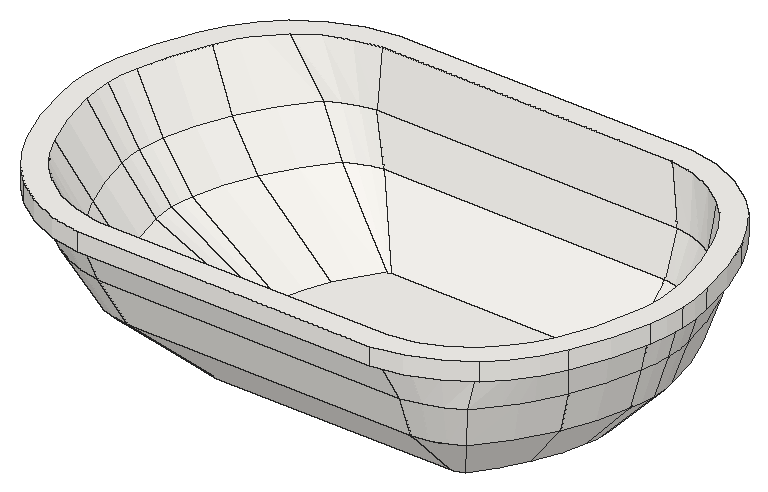
Revit family "Lav-Corian-European-Care-5310", category Plumbing Fixtures, host Face, Revit 2015
Parameters (values of type "5310")
  Width = 670 mm
  WFU = 0
  Version = "2015 - v1.0a"  # constant formula
  URL = "http://www.corian.uk/-the-complete-residential-surfaces-solutions-"
  Sink Colors Available = "Designer White, Glacier White"
  Product Page URL = "http://www.corian.uk/-bathroom-basins-"
  Model = "Care 5310"  # constant formula
  Manufacturer = "DuPont"  # constant formula
  Length = 450 mm
  Interior Width = 620 mm
  Interior Length = 400 mm
  Interior Depth = 160 mm
  HWFU = 0
  Finish = Solid Surface Sink - DuPont - Glacier White
  Description = "Bathroom Basin Europe Specification"  # constant formula
  Depth = 180 mm
  Default Elevation = 1219.2 mm
  Cost = 0
  CWFU = 0
Reference planes
  plane 1 "Center (Front/Back)": y = 0
  plane 2: z = 0
  plane 3 "Center (Left/Right)": x = 0
  plane 4: y = 225
  plane 5: y = -225
  plane 6: x = -335
  plane 7: x = 335
  plane 8: z = -172
  plane 9: x = -310
  plane 10: x = 310
  plane 11: y = 200
  plane 12: y = -200
  plane 13 "NAME": z = -12
  plane 14: z = -192
  plane 15: z = -67
  plane 16: z = -112
Forms (mm)
  Sweep 1, solid, material "Solid Surface Sink - DuPont - Glacier White" <- "Finish"
    path origin (-322.065, -4572, -12) x (-1, 0, 0) y (0, -1, 0)
      loop
        line (-484.991, -4777) -> (-159.139, -4777)
        arc (-159.139, -4777) -> (-116.543, -4766.175) -> (-79.305, -4742.831) r 141.849
        arc (-79.305, -4742.831) -> (-54.549, -4716.037) -> (-36.202, -4684.506) r 167.003
        arc (-36.202, -4684.506) -> (-21.224, -4646.965) -> (-11.358, -4607.77) r 304.051
        arc (-11.358, -4607.77) -> (-8.255, -4590) -> (-7.066, -4572) r 168.768
        arc (-7.066, -4572) -> (-8.255, -4554) -> (-11.358, -4536.23) r 168.768
        arc (-11.358, -4536.23) -> (-21.224, -4497.035) -> (-36.202, -4459.494) r 304.051
        arc (-36.202, -4459.494) -> (-54.549, -4427.963) -> (-79.305, -4401.169) r 167.003
        arc (-79.305, -4401.169) -> (-116.543, -4377.825) -> (-159.139, -4367) r 141.849
        line (-159.139, -4367) -> (-484.991, -4367)
        arc (-484.991, -4367) -> (-527.587, -4377.825) -> (-564.825, -4401.169) r 141.849
        arc (-564.825, -4401.169) -> (-589.58, -4427.963) -> (-607.928, -4459.494) r 167.003
        arc (-607.928, -4459.494) -> (-622.906, -4497.035) -> (-632.772, -4536.23) r 304.051
        arc (-632.772, -4536.23) -> (-635.875, -4554) -> (-637.063, -4572) r 168.768
        arc (-637.063, -4572) -> (-635.875, -4590) -> (-632.772, -4607.77) r 168.768
        arc (-632.772, -4607.77) -> (-622.906, -4646.965) -> (-607.928, -4684.506) r 304.051
        arc (-607.928, -4684.506) -> (-589.58, -4716.037) -> (-564.825, -4742.831) r 167.003
        arc (-564.825, -4742.831) -> (-527.587, -4766.175) -> (-484.991, -4777) r 141.849
    profile origin (0, 205, -12) x (0, -1, 0) y (0, 0, 1)
      loop
        line (-20, 0) -> (-20, -19.995) -> (0, -19.995) -> (0, 0) -> (-20, 0)
  SweptBlend 2, solid, material "Solid Surface Sink - DuPont - Glacier White" <- "Finish"
    path origin (0, 0, 0) x (1, 0, 0) y (0, 0, 1)
      loop
        line (0, -12) -> (0, -67)
    profile origin (0, 0, -12) x (0, -1, 0) y (1, 0, 0)
      loop
        line (-225, 163.829) -> (-225, -163.829)
        arc (-225, -163.829) -> (-212.751, -212.948) -> (-185.927, -255.88) r 161.849
        arc (-185.927, -255.88) -> (-156.04, -283.514) -> (-120.881, -304.027) r 187.003
        arc (-120.881, -304.027) -> (-81.209, -319.841) -> (-39.802, -330.302) r 324.051
        arc (-39.802, -330.302) -> (-20.026, -333.71) -> (0, -335) r 188.768
        arc (0, -335) -> (20.026, -333.71) -> (39.802, -330.302) r 188.768
        arc (39.802, -330.302) -> (81.209, -319.841) -> (120.881, -304.027) r 324.051
        arc (120.881, -304.027) -> (156.04, -283.514) -> (185.927, -255.88) r 187.003
        arc (185.927, -255.88) -> (212.751, -212.948) -> (225, -163.829) r 161.849
        line (225, -163.829) -> (225, 163.829)
        arc (225, 163.829) -> (212.751, 212.948) -> (185.927, 255.88) r 161.849
        arc (185.927, 255.88) -> (156.04, 283.514) -> (120.881, 304.027) r 187.003
        arc (120.881, 304.027) -> (81.209, 319.841) -> (39.802, 330.302) r 324.051
        arc (39.802, 330.302) -> (20.026, 333.71) -> (0, 335) r 188.768
        arc (0, 335) -> (-20.026, 333.71) -> (-39.802, 330.302) r 188.768
        arc (-39.802, 330.302) -> (-81.209, 319.841) -> (-120.881, 304.027) r 324.051
        arc (-120.881, 304.027) -> (-156.04, 283.514) -> (-185.927, 255.88) r 187.003
        arc (-185.927, 255.88) -> (-212.751, 212.948) -> (-225, 163.829) r 161.849
    end profile origin (0, 0, -67) x (0, -1, 0) y (1, 0, 0)
      loop
        arc (0, -294.997) -> (16.476, -293.885) -> (32.738, -291.012) r 153.768
        arc (32.738, -291.012) -> (70.281, -281.591) -> (106.229, -267.237) r 289.051
        arc (106.229, -267.237) -> (146.534, -244.449) -> (183.395, -216.429) r 342.269
        arc (183.395, -216.429) -> (197.935, -188.181) -> (205, -157.206) r 126.849
        line (205, -157.206) -> (205, 181.584)
        arc (205, 181.584) -> (197.935, 212.559) -> (183.395, 240.807) r 126.849
        arc (183.395, 240.807) -> (146.534, 268.827) -> (106.229, 291.615) r 342.269
        arc (106.229, 291.615) -> (70.281, 305.968) -> (32.738, 315.39) r 289.051
        arc (32.738, 315.39) -> (16.476, 318.263) -> (0, 319.375) r 153.768
        arc (0, 319.375) -> (-16.476, 318.263) -> (-32.738, 315.39) r 153.768
        arc (-32.738, 315.39) -> (-70.281, 305.968) -> (-106.229, 291.615) r 289.051
        arc (-106.229, 291.615) -> (-146.534, 268.827) -> (-183.395, 240.807) r 342.269
        arc (-183.395, 240.807) -> (-197.935, 212.559) -> (-205, 181.584) r 126.849
        line (-205, 181.584) -> (-205, -157.206)
        arc (-205, -157.206) -> (-197.935, -188.181) -> (-183.395, -216.429) r 126.849
        arc (-183.395, -216.429) -> (-146.534, -244.449) -> (-106.229, -267.237) r 342.269
        arc (-106.229, -267.237) -> (-70.281, -281.591) -> (-32.738, -291.012) r 289.051
        arc (-32.738, -291.012) -> (-16.476, -293.885) -> (0, -294.997) r 153.768
  SweptBlend 3, solid, material "Solid Surface Sink - DuPont - Glacier White" <- "Finish"
    path origin (0, 0, 0) x (1, 0, 0) y (0, 0, 1)
      loop
        line (0, -67) -> (0, -112)
    profile origin (0, 0, -67) x (0, -1, 0) y (1, 0, 0)
      loop
        arc (0, -294.997) -> (16.476, -293.885) -> (32.738, -291.012) r 153.768
        arc (32.738, -291.012) -> (70.281, -281.591) -> (106.229, -267.237) r 289.051
        arc (106.229, -267.237) -> (146.534, -244.449) -> (183.395, -216.429) r 342.269
        arc (183.395, -216.429) -> (197.935, -188.181) -> (205, -157.206) r 126.849
        line (205, -157.206) -> (205, 181.584)
        arc (205, 181.584) -> (197.935, 212.559) -> (183.395, 240.807) r 126.849
        arc (183.395, 240.807) -> (146.534, 268.827) -> (106.229, 291.615) r 342.269
        arc (106.229, 291.615) -> (70.281, 305.968) -> (32.738, 315.39) r 289.051
        arc (32.738, 315.39) -> (16.476, 318.263) -> (0, 319.375) r 153.768
        arc (0, 319.375) -> (-16.476, 318.263) -> (-32.738, 315.39) r 153.768
        arc (-32.738, 315.39) -> (-70.281, 305.968) -> (-106.229, 291.615) r 289.051
        arc (-106.229, 291.615) -> (-146.534, 268.827) -> (-183.395, 240.807) r 342.269
        arc (-183.395, 240.807) -> (-197.935, 212.559) -> (-205, 181.584) r 126.849
        line (-205, 181.584) -> (-205, -157.206)
        arc (-205, -157.206) -> (-197.935, -188.181) -> (-183.395, -216.429) r 126.849
        arc (-183.395, -216.429) -> (-146.534, -244.449) -> (-106.229, -267.237) r 342.269
        arc (-106.229, -267.237) -> (-70.281, -281.591) -> (-32.738, -291.012) r 289.051
        arc (-32.738, -291.012) -> (-16.476, -293.885) -> (0, -294.997) r 153.768
    end profile origin (0, 0, -112) x (0, -1, 0) y (1, 0, 0)
      loop
        arc (0, -258.996) -> (14.846, -257.965) -> (29.495, -255.339) r 137.768
        arc (29.495, -255.339) -> (65.165, -246.429) -> (99.314, -232.809) r 273.051
        arc (99.314, -232.809) -> (136.868, -211.654) -> (171.306, -185.735) r 326.269
        arc (171.306, -185.735) -> (183.112, -162.123) -> (189, -136.389) r 110.849
        line (189, -136.389) -> (189, 180.767)
        arc (189, 180.767) -> (183.112, 206.501) -> (171.306, 230.112) r 110.849
        arc (171.306, 230.112) -> (136.868, 256.032) -> (99.314, 277.186) r 326.269
        arc (99.314, 277.186) -> (65.165, 290.807) -> (29.495, 299.717) r 273.051
        arc (29.495, 299.717) -> (14.846, 302.343) -> (0, 303.373) r 137.768
        arc (0, 303.373) -> (-14.846, 302.343) -> (-29.495, 299.717) r 137.768
        arc (-29.495, 299.717) -> (-65.165, 290.807) -> (-99.314, 277.186) r 273.051
        arc (-99.314, 277.186) -> (-136.868, 256.032) -> (-171.306, 230.112) r 326.269
        arc (-171.306, 230.112) -> (-183.112, 206.501) -> (-189, 180.767) r 110.849
        line (-189, 180.767) -> (-189, -136.389)
        arc (-189, -136.389) -> (-183.112, -162.123) -> (-171.306, -185.735) r 110.849
        arc (-171.306, -185.735) -> (-136.868, -211.654) -> (-99.314, -232.809) r 326.269
        arc (-99.314, -232.809) -> (-65.165, -246.429) -> (-29.495, -255.339) r 273.051
        arc (-29.495, -255.339) -> (-14.846, -257.965) -> (0, -258.996) r 137.768
  SweptBlend 4, solid, material "Solid Surface Sink - DuPont - Glacier White" <- "Finish"
    path origin (0, 0, 0) x (1, 0, 0) y (0, 0, 1)
      loop
        line (0, -112) -> (0, -172)
    profile origin (0, 0, -112) x (0, -1, 0) y (1, 0, 0)
      loop
        arc (0, -258.996) -> (14.846, -257.965) -> (29.495, -255.339) r 137.768
        arc (29.495, -255.339) -> (65.165, -246.429) -> (99.314, -232.809) r 273.051
        arc (99.314, -232.809) -> (136.868, -211.654) -> (171.306, -185.735) r 326.269
        arc (171.306, -185.735) -> (183.112, -162.123) -> (189, -136.389) r 110.849
        line (189, -136.389) -> (189, 180.767)
        arc (189, 180.767) -> (183.112, 206.501) -> (171.306, 230.112) r 110.849
        arc (171.306, 230.112) -> (136.868, 256.032) -> (99.314, 277.186) r 326.269
        arc (99.314, 277.186) -> (65.165, 290.807) -> (29.495, 299.717) r 273.051
        arc (29.495, 299.717) -> (14.846, 302.343) -> (0, 303.373) r 137.768
        arc (0, 303.373) -> (-14.846, 302.343) -> (-29.495, 299.717) r 137.768
        arc (-29.495, 299.717) -> (-65.165, 290.807) -> (-99.314, 277.186) r 273.051
        arc (-99.314, 277.186) -> (-136.868, 256.032) -> (-171.306, 230.112) r 326.269
        arc (-171.306, 230.112) -> (-183.112, 206.501) -> (-189, 180.767) r 110.849
        line (-189, 180.767) -> (-189, -136.389)
        arc (-189, -136.389) -> (-183.112, -162.123) -> (-171.306, -185.735) r 110.849
        arc (-171.306, -185.735) -> (-136.868, -211.654) -> (-99.314, -232.809) r 326.269
        arc (-99.314, -232.809) -> (-65.165, -246.429) -> (-29.495, -255.339) r 273.051
        arc (-29.495, -255.339) -> (-14.846, -257.965) -> (0, -258.996) r 137.768
    end profile origin (0, 0, -172) x (0, -1, 0) y (1, 0, 0)
      loop
        arc (0, -150.984) -> (8.867, -150.254) -> (17.597, -148.541) r 79.768
        arc (17.597, -148.541) -> (46.549, -141.49) -> (74.249, -130.505) r 215.051
        arc (74.249, -130.505) -> (101.246, -115.601) -> (126.355, -97.698) r 268.269
        arc (126.355, -97.698) -> (129.233, -90.402) -> (131, -82.762) r 52.849
        line (131, -82.762) -> (131, 177.139)
        arc (131, 177.139) -> (129.233, 184.78) -> (126.355, 192.075) r 52.849
        arc (126.355, 192.075) -> (101.246, 209.979) -> (74.249, 224.882) r 268.269
        arc (74.249, 224.882) -> (46.549, 235.867) -> (17.597, 242.918) r 215.051
        arc (17.597, 242.918) -> (8.867, 244.631) -> (0, 245.362) r 79.768
        arc (0, 245.362) -> (-8.867, 244.631) -> (-17.597, 242.918) r 79.768
        arc (-17.597, 242.918) -> (-46.549, 235.867) -> (-74.249, 224.882) r 215.051
        arc (-74.249, 224.882) -> (-101.246, 209.979) -> (-126.355, 192.075) r 268.269
        arc (-126.355, 192.075) -> (-129.233, 184.78) -> (-131, 177.139) r 52.849
        line (-131, 177.139) -> (-131, -82.762)
        arc (-131, -82.762) -> (-129.233, -90.402) -> (-126.355, -97.698) r 52.849
        arc (-126.355, -97.698) -> (-101.246, -115.601) -> (-74.249, -130.505) r 268.269
        arc (-74.249, -130.505) -> (-46.549, -141.49) -> (-17.597, -148.541) r 215.051
        arc (-17.597, -148.541) -> (-8.867, -150.254) -> (0, -150.984) r 79.768
  SweptBlend 5, solid, material "Solid Surface Sink - DuPont - Glacier White" <- "Finish"
    path origin (0, 0, 0) x (1, 0, 0) y (0, 0, 1)
      loop
        line (0, -172) -> (0, -192)
    profile origin (0, 0, -172) x (0, -1, 0) y (1, 0, 0)
      loop
        arc (0, -150.984) -> (8.867, -150.254) -> (17.597, -148.541) r 79.768
        arc (17.597, -148.541) -> (46.549, -141.49) -> (74.249, -130.505) r 215.051
        arc (74.249, -130.505) -> (101.246, -115.601) -> (126.355, -97.698) r 268.269
        arc (126.355, -97.698) -> (129.233, -90.402) -> (131, -82.762) r 52.849
        line (131, -82.762) -> (131, 177.139)
        arc (131, 177.139) -> (129.233, 184.78) -> (126.355, 192.075) r 52.849
        arc (126.355, 192.075) -> (101.246, 209.979) -> (74.249, 224.882) r 268.269
        arc (74.249, 224.882) -> (46.549, 235.867) -> (17.597, 242.918) r 215.051
        arc (17.597, 242.918) -> (8.867, 244.631) -> (0, 245.362) r 79.768
        arc (0, 245.362) -> (-8.867, 244.631) -> (-17.597, 242.918) r 79.768
        arc (-17.597, 242.918) -> (-46.549, 235.867) -> (-74.249, 224.882) r 215.051
        arc (-74.249, 224.882) -> (-101.246, 209.979) -> (-126.355, 192.075) r 268.269
        arc (-126.355, 192.075) -> (-129.233, 184.78) -> (-131, 177.139) r 52.849
        line (-131, 177.139) -> (-131, -82.762)
        arc (-131, -82.762) -> (-129.233, -90.402) -> (-126.355, -97.698) r 52.849
        arc (-126.355, -97.698) -> (-101.246, -115.601) -> (-74.249, -130.505) r 268.269
        arc (-74.249, -130.505) -> (-46.549, -141.49) -> (-17.597, -148.541) r 215.051
        arc (-17.597, -148.541) -> (-8.867, -150.254) -> (0, -150.984) r 79.768
    end profile origin (0, 0, -192) x (0, -1, 0) y (1, 0, 0)
      loop
        arc (0, 87.054) -> (3.91, 87.528) -> (7.738, 88.454) r 33.768
        arc (7.738, 88.454) -> (31.581, 94.023) -> (54.369, 102.978) r 169.051
        arc (54.369, 102.978) -> (70.04, 111.272) -> (85, 120.789) r 222.269
        line (85, 120.789) -> (85, 165.589)
        arc (85, 165.589) -> (70.04, 175.106) -> (54.369, 183.4) r 222.269
        arc (54.369, 183.4) -> (31.581, 192.354) -> (7.738, 197.923) r 169.051
        arc (7.738, 197.923) -> (3.91, 198.85) -> (0, 199.324) r 33.768
        arc (0, 199.324) -> (-3.91, 198.85) -> (-7.738, 197.923) r 33.768
        arc (-7.738, 197.923) -> (-31.581, 192.354) -> (-54.369, 183.4) r 169.051
        arc (-54.369, 183.4) -> (-70.04, 175.106) -> (-85, 165.589) r 222.269
        line (-85, 165.589) -> (-85, 120.789)
        arc (-85, 120.789) -> (-70.04, 111.272) -> (-54.369, 102.978) r 222.269
        arc (-54.369, 102.978) -> (-31.581, 94.023) -> (-7.738, 88.454) r 169.051
        arc (-7.738, 88.454) -> (-3.91, 87.528) -> (0, 87.054) r 33.768
  SweptBlend 6, void
    path origin (0, 0, 0) x (1, 0, 0) y (0, 0, 1)
      loop
        line (0, -12) -> (0, -67)
    profile origin (0, 0, -12) x (0, -1, 0) y (1, 0, 0)
      loop
        line (-200, 162.691) -> (-200, -162.691)
        arc (-200, -162.691) -> (-189.533, -203.661) -> (-167.058, -239.48) r 136.849
        arc (-167.058, -239.48) -> (-141.036, -263.516) -> (-110.413, -281.321) r 162.003
        arc (-110.413, -281.321) -> (-73.404, -296.091) -> (-34.76, -305.809) r 299.051
        arc (-34.76, -305.809) -> (-17.492, -308.835) -> (0, -309.998) r 163.768
        arc (0, -309.998) -> (17.492, -308.835) -> (34.76, -305.809) r 163.768
        arc (34.76, -305.809) -> (73.404, -296.091) -> (110.413, -281.321) r 299.051
        arc (110.413, -281.321) -> (141.036, -263.516) -> (167.058, -239.48) r 162.003
        arc (167.058, -239.48) -> (189.533, -203.661) -> (200, -162.691) r 136.849
        line (200, -162.691) -> (200, 162.691)
        arc (200, 162.691) -> (189.533, 203.661) -> (167.058, 239.48) r 136.849
        arc (167.058, 239.48) -> (141.036, 263.516) -> (110.413, 281.321) r 162.003
        arc (110.413, 281.321) -> (73.404, 296.091) -> (34.76, 305.809) r 299.051
        arc (34.76, 305.809) -> (17.492, 308.835) -> (0, 309.998) r 163.768
        arc (0, 309.998) -> (-17.492, 308.835) -> (-34.76, 305.809) r 163.768
        arc (-34.76, 305.809) -> (-73.404, 296.091) -> (-110.413, 281.321) r 299.051
        arc (-110.413, 281.321) -> (-141.036, 263.516) -> (-167.058, 239.48) r 162.003
        arc (-167.058, 239.48) -> (-189.533, 203.661) -> (-200, 162.691) r 136.849
    end profile origin (0, 0, -67) x (0, -1, 0) y (1, 0, 0)
      loop
        arc (0, -274.995) -> (14.438, -273.985) -> (28.682, -271.421) r 133.768
        arc (28.682, -271.421) -> (63.885, -262.639) -> (97.586, -249.201) r 269.051
        arc (97.586, -249.201) -> (134.445, -228.46) -> (168.27, -203.07) r 322.269
        arc (168.27, -203.07) -> (179.405, -180.611) -> (185, -156.176) r 106.849
        line (185, -156.176) -> (185, 180.554)
        arc (185, 180.554) -> (179.405, 204.989) -> (168.27, 227.447) r 106.849
        arc (168.27, 227.447) -> (134.445, 252.837) -> (97.586, 273.579) r 322.269
        arc (97.586, 273.579) -> (63.885, 287.017) -> (28.682, 295.799) r 269.051
        arc (28.682, 295.799) -> (14.438, 298.363) -> (0, 299.373) r 133.768
        arc (0, 299.373) -> (-14.438, 298.363) -> (-28.682, 295.799) r 133.768
        arc (-28.682, 295.799) -> (-63.885, 287.017) -> (-97.586, 273.579) r 269.051
        arc (-97.586, 273.579) -> (-134.445, 252.837) -> (-168.27, 227.447) r 322.269
        arc (-168.27, 227.447) -> (-179.405, 204.989) -> (-185, 180.554) r 106.849
        line (-185, 180.554) -> (-185, -156.176)
        arc (-185, -156.176) -> (-179.405, -180.611) -> (-168.27, -203.07) r 106.849
        arc (-168.27, -203.07) -> (-134.445, -228.46) -> (-97.586, -249.201) r 322.269
        arc (-97.586, -249.201) -> (-63.885, -262.639) -> (-28.682, -271.421) r 269.051
        arc (-28.682, -271.421) -> (-14.438, -273.985) -> (0, -274.995) r 133.768
  SweptBlend 7, void
    path origin (0, 0, 0) x (1, 0, 0) y (0, 0, 1)
      loop
        line (0, -67) -> (0, -112)
    profile origin (0, 0, -67) x (0, -1, 0) y (1, 0, 0)
      loop
        arc (0, -274.995) -> (14.438, -273.985) -> (28.682, -271.421) r 133.768
        arc (28.682, -271.421) -> (63.885, -262.639) -> (97.586, -249.201) r 269.051
        arc (97.586, -249.201) -> (134.445, -228.46) -> (168.27, -203.07) r 322.269
        arc (168.27, -203.07) -> (179.405, -180.611) -> (185, -156.176) r 106.849
        line (185, -156.176) -> (185, 180.554)
        arc (185, 180.554) -> (179.405, 204.989) -> (168.27, 227.447) r 106.849
        arc (168.27, 227.447) -> (134.445, 252.837) -> (97.586, 273.579) r 322.269
        arc (97.586, 273.579) -> (63.885, 287.017) -> (28.682, 295.799) r 269.051
        arc (28.682, 295.799) -> (14.438, 298.363) -> (0, 299.373) r 133.768
        arc (0, 299.373) -> (-14.438, 298.363) -> (-28.682, 295.799) r 133.768
        arc (-28.682, 295.799) -> (-63.885, 287.017) -> (-97.586, 273.579) r 269.051
        arc (-97.586, 273.579) -> (-134.445, 252.837) -> (-168.27, 227.447) r 322.269
        arc (-168.27, 227.447) -> (-179.405, 204.989) -> (-185, 180.554) r 106.849
        line (-185, 180.554) -> (-185, -156.176)
        arc (-185, -156.176) -> (-179.405, -180.611) -> (-168.27, -203.07) r 106.849
        arc (-168.27, -203.07) -> (-134.445, -228.46) -> (-97.586, -249.201) r 322.269
        arc (-97.586, -249.201) -> (-63.885, -262.639) -> (-28.682, -271.421) r 269.051
        arc (-28.682, -271.421) -> (-14.438, -273.985) -> (0, -274.995) r 133.768
    end profile origin (0, 0, -112) x (0, -1, 0) y (1, 0, 0)
      loop
        arc (0, -238.993) -> (12.8, -238.065) -> (25.423, -235.75) r 117.768
        arc (25.423, -235.75) -> (58.76, -227.48) -> (90.671, -214.773) r 253.051
        arc (90.671, -214.773) -> (124.716, -195.701) -> (156.059, -172.455) r 306.269
        arc (156.059, -172.455) -> (164.567, -154.577) -> (169, -135.28) r 90.849
        line (169, -135.28) -> (169, 179.658)
        arc (169, 179.658) -> (164.567, 198.954) -> (156.059, 216.833) r 90.849
        arc (156.059, 216.833) -> (124.716, 240.079) -> (90.671, 259.15) r 306.269
        arc (90.671, 259.15) -> (58.76, 271.858) -> (25.423, 280.127) r 253.051
        arc (25.423, 280.127) -> (12.8, 282.443) -> (0, 283.371) r 117.768
        arc (0, 283.371) -> (-12.8, 282.443) -> (-25.423, 280.127) r 117.768
        arc (-25.423, 280.127) -> (-58.76, 271.858) -> (-90.671, 259.15) r 253.051
        arc (-90.671, 259.15) -> (-124.716, 240.079) -> (-156.059, 216.833) r 306.269
        arc (-156.059, 216.833) -> (-164.567, 198.954) -> (-169, 179.658) r 90.849
        line (-169, 179.658) -> (-169, -135.28)
        arc (-169, -135.28) -> (-164.567, -154.577) -> (-156.059, -172.455) r 90.849
        arc (-156.059, -172.455) -> (-124.716, -195.701) -> (-90.671, -214.773) r 306.269
        arc (-90.671, -214.773) -> (-58.76, -227.48) -> (-25.423, -235.75) r 253.051
        arc (-25.423, -235.75) -> (-12.8, -238.065) -> (0, -238.993) r 117.768
  SweptBlend 8, void
    path origin (0, 0, 0) x (1, 0, 0) y (0, 0, 1)
      loop
        line (0, -112) -> (0, -172)
    profile origin (0, 0, -112) x (0, -1, 0) y (1, 0, 0)
      loop
        arc (0, -238.993) -> (12.8, -238.065) -> (25.423, -235.75) r 117.768
        arc (25.423, -235.75) -> (58.76, -227.48) -> (90.671, -214.773) r 253.051
        arc (90.671, -214.773) -> (124.716, -195.701) -> (156.059, -172.455) r 306.269
        arc (156.059, -172.455) -> (164.567, -154.577) -> (169, -135.28) r 90.849
        line (169, -135.28) -> (169, 179.658)
        arc (169, 179.658) -> (164.567, 198.954) -> (156.059, 216.833) r 90.849
        arc (156.059, 216.833) -> (124.716, 240.079) -> (90.671, 259.15) r 306.269
        arc (90.671, 259.15) -> (58.76, 271.858) -> (25.423, 280.127) r 253.051
        arc (25.423, 280.127) -> (12.8, 282.443) -> (0, 283.371) r 117.768
        arc (0, 283.371) -> (-12.8, 282.443) -> (-25.423, 280.127) r 117.768
        arc (-25.423, 280.127) -> (-58.76, 271.858) -> (-90.671, 259.15) r 253.051
        arc (-90.671, 259.15) -> (-124.716, 240.079) -> (-156.059, 216.833) r 306.269
        arc (-156.059, 216.833) -> (-164.567, 198.954) -> (-169, 179.658) r 90.849
        line (-169, 179.658) -> (-169, -135.28)
        arc (-169, -135.28) -> (-164.567, -154.577) -> (-156.059, -172.455) r 90.849
        arc (-156.059, -172.455) -> (-124.716, -195.701) -> (-90.671, -214.773) r 306.269
        arc (-90.671, -214.773) -> (-58.76, -227.48) -> (-25.423, -235.75) r 253.051
        arc (-25.423, -235.75) -> (-12.8, -238.065) -> (0, -238.993) r 117.768
    end profile origin (0, 0, -172) x (0, -1, 0) y (1, 0, 0)
      loop
        arc (0, -130.975) -> (6.755, -130.352) -> (13.396, -128.967) r 59.768
        arc (13.396, -128.967) -> (40.082, -122.559) -> (65.605, -112.469) r 195.051
        arc (65.605, -112.469) -> (88.467, -99.998) -> (109.896, -85.202) r 248.269
        arc (109.896, -85.202) -> (110.516, -83.142) -> (111, -81.046) r 32.849
        line (111, -81.046) -> (111, 175.424)
        arc (111, 175.424) -> (110.516, 177.52) -> (109.896, 179.58) r 32.849
        arc (109.896, 179.58) -> (88.467, 194.376) -> (65.605, 206.846) r 248.269
        arc (65.605, 206.846) -> (40.082, 216.937) -> (13.396, 223.345) r 195.051
        arc (13.396, 223.345) -> (6.755, 224.729) -> (0, 225.352) r 59.768
        arc (0, 225.352) -> (-6.755, 224.729) -> (-13.396, 223.345) r 59.768
        arc (-13.396, 223.345) -> (-40.082, 216.937) -> (-65.605, 206.846) r 195.051
        arc (-65.605, 206.846) -> (-88.467, 194.376) -> (-109.896, 179.58) r 248.269
        arc (-109.896, 179.58) -> (-110.516, 177.52) -> (-111, 175.424) r 32.849
        line (-111, 175.424) -> (-111, -81.046)
        arc (-111, -81.046) -> (-110.516, -83.142) -> (-109.896, -85.202) r 32.849
        arc (-109.896, -85.202) -> (-88.467, -99.998) -> (-65.605, -112.469) r 248.269
        arc (-65.605, -112.469) -> (-40.082, -122.559) -> (-13.396, -128.967) r 195.051
        arc (-13.396, -128.967) -> (-6.755, -130.352) -> (0, -130.975) r 59.768
  Revolve 9, void
    sketch origin (0, 0, 0) x (1, 0, 0) y (0, 0, 1)
      loop
        line (140, -172) -> (102.349, -172) -> (115.204, -187.321) -> (115.204, -192) -> (140, -192) -> (140, -172)
      axis (140, -172) -> (140, -192)
    angle from 0 to 360
  Extrusion 10, void
    sketch origin (-322.065, -4572, -12) x (-1, 0, 0) y (0, -1, 0)
      loop
        line (-484.755, -4772) -> (-159.374, -4772)
        arc (-159.374, -4772) -> (-118.404, -4761.533) -> (-82.585, -4739.058) r 136.849
        arc (-82.585, -4739.058) -> (-58.549, -4713.036) -> (-40.744, -4682.413) r 162.003
        arc (-40.744, -4682.413) -> (-25.974, -4645.404) -> (-16.256, -4606.76) r 299.051
        arc (-16.256, -4606.76) -> (-13.23, -4589.492) -> (-12.067, -4572) r 163.768
        arc (-12.067, -4572) -> (-13.23, -4554.508) -> (-16.256, -4537.24) r 163.768
        arc (-16.256, -4537.24) -> (-25.974, -4498.596) -> (-40.744, -4461.587) r 299.051
        arc (-40.744, -4461.587) -> (-58.549, -4430.964) -> (-82.585, -4404.942) r 162.003
        arc (-82.585, -4404.942) -> (-118.404, -4382.467) -> (-159.374, -4372) r 136.849
        line (-159.374, -4372) -> (-484.755, -4372)
        arc (-484.755, -4372) -> (-525.726, -4382.467) -> (-561.545, -4404.942) r 136.849
        arc (-561.545, -4404.942) -> (-585.58, -4430.964) -> (-603.386, -4461.587) r 162.003
        arc (-603.386, -4461.587) -> (-618.156, -4498.596) -> (-627.874, -4537.24) r 299.051
        arc (-627.874, -4537.24) -> (-630.9, -4554.508) -> (-632.063, -4572) r 163.768
        arc (-632.063, -4572) -> (-630.9, -4589.492) -> (-627.874, -4606.76) r 163.768
        arc (-627.874, -4606.76) -> (-618.156, -4645.404) -> (-603.386, -4682.413) r 299.051
        arc (-603.386, -4682.413) -> (-585.58, -4713.036) -> (-561.545, -4739.058) r 162.003
        arc (-561.545, -4739.058) -> (-525.726, -4761.533) -> (-484.755, -4772) r 136.849
    from -180 to 12
Cuts and joins
  SweptBlend 6 cuts SweptBlend 2
  SweptBlend 7 cuts SweptBlend 3
  SweptBlend 8 cuts SweptBlend 4
  Revolve 9 cuts SweptBlend 5
  joined: Sweep 1, SweptBlend 2, SweptBlend 3, SweptBlend 4, SweptBlend 5
Lines and regions (mm)
  Masking region 1, detail levels medium+fine
    outline origin (500, 0, 0) x (1, 0, 0) y (0, 1, 0)
      loop
        circle (-360, 0) r 24.796
  Masking region 2
    outline origin (-322.065, -4572, -12) x (-1, 0, 0) y (0, -1, 0)
      loop
        line (-484.755, -4772) -> (-159.374, -4772)
        arc (-159.374, -4772) -> (-118.404, -4761.533) -> (-82.585, -4739.058) r 136.849
        arc (-82.585, -4739.058) -> (-58.549, -4713.036) -> (-40.744, -4682.413) r 162.003
        arc (-40.744, -4682.413) -> (-25.974, -4645.404) -> (-16.256, -4606.76) r 299.051
        arc (-16.256, -4606.76) -> (-13.23, -4589.492) -> (-12.067, -4572) r 163.768
        arc (-12.067, -4572) -> (-13.23, -4554.508) -> (-16.256, -4537.24) r 163.768
        arc (-16.256, -4537.24) -> (-25.974, -4498.596) -> (-40.744, -4461.587) r 299.051
        arc (-40.744, -4461.587) -> (-58.549, -4430.964) -> (-82.585, -4404.942) r 162.003
        arc (-82.585, -4404.942) -> (-118.404, -4382.467) -> (-159.374, -4372) r 136.849
        line (-159.374, -4372) -> (-484.755, -4372)
        arc (-484.755, -4372) -> (-525.726, -4382.467) -> (-561.545, -4404.942) r 136.849
        arc (-561.545, -4404.942) -> (-585.58, -4430.964) -> (-603.386, -4461.587) r 162.003
        arc (-603.386, -4461.587) -> (-618.156, -4498.596) -> (-627.874, -4537.24) r 299.051
        arc (-627.874, -4537.24) -> (-630.9, -4554.508) -> (-632.063, -4572) r 163.768
        arc (-632.063, -4572) -> (-630.9, -4589.492) -> (-627.874, -4606.76) r 163.768
        arc (-627.874, -4606.76) -> (-618.156, -4645.404) -> (-603.386, -4682.413) r 299.051
        arc (-603.386, -4682.413) -> (-585.58, -4713.036) -> (-561.545, -4739.058) r 162.003
        arc (-561.545, -4739.058) -> (-525.726, -4761.533) -> (-484.755, -4772) r 136.849
  Masking region 3, detail levels fine
    outline origin (-322.065, -4572, -12) x (-1, 0, 0) y (0, -1, 0)
      loop
        arc (-83.072, -4572) -> (-84, -4559.2) -> (-86.315, -4546.577) r 117.768
        arc (-86.315, -4546.577) -> (-94.584, -4513.24) -> (-107.292, -4481.329) r 253.051
        arc (-107.292, -4481.329) -> (-126.364, -4447.284) -> (-149.61, -4415.941) r 306.269
        arc (-149.61, -4415.941) -> (-167.488, -4407.433) -> (-186.785, -4403) r 90.849
        line (-186.785, -4403) -> (-501.722, -4403)
        arc (-501.722, -4403) -> (-521.019, -4407.433) -> (-538.897, -4415.941) r 90.849
        arc (-538.897, -4415.941) -> (-562.143, -4447.284) -> (-581.215, -4481.329) r 306.269
        arc (-581.215, -4481.329) -> (-593.923, -4513.24) -> (-602.192, -4546.577) r 253.051
        arc (-602.192, -4546.577) -> (-604.507, -4559.2) -> (-605.435, -4572) r 117.768
        arc (-605.435, -4572) -> (-604.507, -4584.8) -> (-602.192, -4597.423) r 117.768
        arc (-602.192, -4597.423) -> (-593.923, -4630.76) -> (-581.215, -4662.671) r 253.051
        arc (-581.215, -4662.671) -> (-562.143, -4696.716) -> (-538.897, -4728.059) r 306.269
        arc (-538.897, -4728.059) -> (-521.019, -4736.567) -> (-501.722, -4741) r 90.849
        line (-501.722, -4741) -> (-186.785, -4741)
        arc (-186.785, -4741) -> (-167.488, -4736.567) -> (-149.61, -4728.059) r 90.849
        arc (-149.61, -4728.059) -> (-126.364, -4696.716) -> (-107.292, -4662.671) r 306.269
        arc (-107.292, -4662.671) -> (-94.584, -4630.76) -> (-86.315, -4597.423) r 253.051
        arc (-86.315, -4597.423) -> (-84, -4584.8) -> (-83.072, -4572) r 117.768
Dimensions and locks
  equal spacing: plane 4, plane 1 "Center (Front/Back)", plane 5
  equal spacing: plane 6, plane 3 "Center (Left/Right)", plane 7
  "Length": plane 4 to plane 5
  "Width": plane 6 to plane 7
  equal spacing: plane 9, plane 3 "Center (Left/Right)", plane 10
  equal spacing: plane 11, plane 1 "Center (Front/Back)", plane 12
  "Interior Width": plane 9 to plane 10
  "Interior Length": plane 11 to plane 12
  locked: plane 2 to plane 13 "NAME" at 12
  "Interior Depth": plane 13 "NAME" to plane 8
  "Depth": plane 13 "NAME" to plane 14
  Sweep 1 sketch curve to plane 11 to Sweep 1 sketch curve to Sweep 1 sketch curve = 5 mm locked, 29.169 mm locked, 0 mm locked
  Sweep 1 sketch curve to Sweep 1 sketch curve to plane 12 to Sweep 1 sketch curve = 0 mm locked, 29.169 mm locked, 5 mm locked
  Sweep 1 sketch curve to Sweep 1 sketch curve to Sweep 1 sketch curve to Sweep 1 sketch curve to plane 1 "Center (Front/Back)" to Sweep 1 sketch curve to Sweep 1 sketch curve to Sweep 1 sketch curve to Sweep 1 sketch curve to Sweep 1 sketch curve to Sweep 1 sketch curve = 0 mm locked, 76.736 mm locked, 0 mm locked, 35.77 mm locked, 0 mm locked, 0 mm locked, 35.77 mm locked, 0 mm locked, 76.736 mm locked, 0 mm locked
  Sweep 1 sketch curve to Sweep 1 sketch curve to Sweep 1 sketch curve to plane 9 to Sweep 1 sketch curve to Sweep 1 sketch curve to Sweep 1 sketch curve to Sweep 1 sketch curve = 4.291 mm locked, 0 mm locked, 0.707 mm locked, 24.137 mm locked, 0 mm locked, 43.103 mm locked, 0 mm locked
  Sweep 1 sketch curve to Sweep 1 sketch curve to plane 3 "Center (Left/Right)" to Sweep 1 sketch curve to Sweep 1 sketch curve = 0 mm locked, 162.926 mm locked, 162.926 mm locked, 0 mm locked
  Sweep 1 sketch curve to Sweep 1 sketch curve to Sweep 1 sketch curve to Sweep 1 sketch curve to plane 10 to Sweep 1 sketch curve to Sweep 1 sketch curve to Sweep 1 sketch curve = 0 mm locked, 43.103 mm locked, 0 mm locked, 24.137 mm locked, 0.707 mm locked, 0 mm locked, 4.291 mm locked
  locked: plane 4 to Sweep 1 sketch curve at 20
  locked: plane 13 "NAME" to Sweep 1 sketch curve at 19.995
  plane 4 to SweptBlend 2 sketch curve to SweptBlend 2 sketch curve to SweptBlend 2 sketch curve = 0 mm locked, 39.073 mm locked, 0 mm locked
  SweptBlend 2 sketch curve to SweptBlend 2 sketch curve to plane 5 to SweptBlend 2 sketch curve = 0 mm locked, 39.073 mm locked, 0 mm locked
  SweptBlend 2 sketch curve to SweptBlend 2 sketch curve to SweptBlend 2 sketch curve to SweptBlend 2 sketch curve to plane 1 "Center (Front/Back)" to SweptBlend 2 sketch curve to SweptBlend 2 sketch curve to SweptBlend 2 sketch curve to SweptBlend 2 sketch curve to SweptBlend 2 sketch curve = 0 mm locked, 81.079 mm locked, 0 mm locked, 39.802 mm locked, 0 mm locked, 39.802 mm locked, 0 mm locked, 81.079 mm locked, 0 mm locked
  SweptBlend 2 sketch curve to SweptBlend 2 sketch curve to plane 3 "Center (Left/Right)" to SweptBlend 2 sketch curve to SweptBlend 2 sketch curve = 0 mm locked, 163.829 mm locked, 163.829 mm locked, 0 mm locked
  plane 6 to SweptBlend 2 sketch curve to SweptBlend 2 sketch curve to SweptBlend 2 sketch curve to SweptBlend 2 sketch curve to SweptBlend 2 sketch curve to SweptBlend 2 sketch curve to SweptBlend 2 sketch curve = 0 mm locked, 4.698 mm locked, 0 mm locked, 26.275 mm locked, 0 mm, 48.147 mm locked, 0 mm locked
  SweptBlend 2 sketch curve to SweptBlend 2 sketch curve to SweptBlend 2 sketch curve to SweptBlend 2 sketch curve to SweptBlend 2 sketch curve to SweptBlend 2 sketch curve to plane 7 to SweptBlend 2 sketch curve = 0 mm locked, 48.147 mm locked, 0 mm locked, 26.275 mm locked, 0 mm locked, 4.698 mm locked, 0 mm locked
  SweptBlend 3 sketch curve to plane 11 to SweptBlend 3 sketch curve to SweptBlend 3 sketch curve = 5 mm locked, 16.605 mm locked, 0 mm locked
  SweptBlend 3 sketch curve to SweptBlend 3 sketch curve to plane 12 to SweptBlend 3 sketch curve = 0 mm locked, 16.605 mm locked, 5 mm locked
  SweptBlend 3 sketch curve to SweptBlend 3 sketch curve to SweptBlend 3 sketch curve to SweptBlend 3 sketch curve to plane 1 "Center (Front/Back)" to SweptBlend 3 sketch curve to SweptBlend 3 sketch curve to SweptBlend 3 sketch curve to SweptBlend 3 sketch curve to SweptBlend 3 sketch curve to SweptBlend 3 sketch curve = 0 mm locked, 73.491 mm locked, 0 mm locked, 32.738 mm locked, 0 mm locked, 0 mm locked, 32.738 mm locked, 0 mm locked, 73.491 mm locked, 0 mm locked
  plane 9 to SweptBlend 3 sketch curve to SweptBlend 3 sketch curve to SweptBlend 3 sketch curve to SweptBlend 3 sketch curve to SweptBlend 3 sketch curve to SweptBlend 3 sketch curve = 15.003 mm locked, 3.985 mm locked, 23.775 mm locked, 0 mm locked, 50.808 mm locked, 0 mm locked
  SweptBlend 3 sketch curve to SweptBlend 3 sketch curve to plane 3 "Center (Left/Right)" to SweptBlend 3 sketch curve to SweptBlend 3 sketch curve = 0 mm locked, 157.206 mm locked, 181.584 mm locked, 0 mm locked
  SweptBlend 3 sketch curve to SweptBlend 3 sketch curve to SweptBlend 3 sketch curve to SweptBlend 3 sketch curve to plane 10 to SweptBlend 3 sketch curve to SweptBlend 3 sketch curve = 0 mm locked, 50.808 mm locked, 0 mm locked, 18.385 mm locked, 5.39 mm locked, 0 mm locked
  plane 11 to SweptBlend 4 sketch curve to SweptBlend 4 sketch curve to SweptBlend 4 sketch curve = 11 mm locked, 17.694 mm locked, 0 mm locked
  SweptBlend 4 sketch curve to SweptBlend 4 sketch curve to SweptBlend 4 sketch curve to plane 12 = 0 mm locked, 17.694 mm locked, 11 mm locked
  SweptBlend 4 sketch curve to SweptBlend 4 sketch curve to SweptBlend 4 sketch curve to SweptBlend 4 sketch curve to plane 1 "Center (Front/Back)" to SweptBlend 4 sketch curve to SweptBlend 4 sketch curve to SweptBlend 4 sketch curve to SweptBlend 4 sketch curve to SweptBlend 4 sketch curve to SweptBlend 4 sketch curve = 0 mm locked, 69.82 mm locked, 0 mm locked, 29.495 mm locked, 0 mm locked, 0 mm locked, 29.495 mm locked, 0 mm locked, 69.82 mm locked, 0 mm locked
  SweptBlend 4 sketch curve to SweptBlend 4 sketch curve to plane 3 "Center (Left/Right)" to SweptBlend 4 sketch curve to SweptBlend 4 sketch curve = 0 mm locked, 136.389 mm locked, 180.767 mm locked, 0 mm locked
  plane 9 to SweptBlend 4 sketch curve to SweptBlend 4 sketch curve to SweptBlend 4 sketch curve to SweptBlend 4 sketch curve to SweptBlend 4 sketch curve to SweptBlend 4 sketch curve to SweptBlend 4 sketch curve = 51.004 mm locked, 3.657 mm locked, 0 mm locked, 22.53 mm locked, 0 mm locked, 47.074 mm locked, 0 mm locked
  SweptBlend 4 sketch curve to SweptBlend 4 sketch curve to SweptBlend 4 sketch curve to SweptBlend 4 sketch curve to SweptBlend 4 sketch curve to SweptBlend 4 sketch curve to SweptBlend 4 sketch curve to plane 10 = 0 mm locked, 47.074 mm locked, 0 mm locked, 22.53 mm locked, 0 mm locked, 3.657 mm locked, 6.627 mm locked
  SweptBlend 5 sketch curve to SweptBlend 5 sketch curve to plane 3 "Center (Left/Right)" to SweptBlend 5 sketch curve to SweptBlend 5 sketch curve = 0 mm locked, 82.762 mm locked, 177.139 mm locked, 0 mm locked
  plane 9 to SweptBlend 5 sketch curve to SweptBlend 5 sketch curve to SweptBlend 5 sketch curve to SweptBlend 5 sketch curve to SweptBlend 5 sketch curve to SweptBlend 5 sketch curve to SweptBlend 5 sketch curve = 159.016 mm locked, 2.443 mm locked, 0 mm locked, 18.036 mm locked, 0 mm locked, 32.807 mm locked, 0 mm locked
  SweptBlend 5 sketch curve to SweptBlend 5 sketch curve to SweptBlend 5 sketch curve to SweptBlend 5 sketch curve to SweptBlend 5 sketch curve to SweptBlend 5 sketch curve to SweptBlend 5 sketch curve to plane 10 = 0 mm locked, 32.807 mm locked, 0 mm locked, 18.036 mm locked, 0 mm locked, 2.443 mm locked, 64.638 mm locked
  plane 11 to SweptBlend 5 sketch curve to SweptBlend 5 sketch curve to SweptBlend 5 sketch curve = 69 mm locked, 4.645 mm locked, 0 mm locked
  SweptBlend 5 sketch curve to SweptBlend 5 sketch curve to SweptBlend 5 sketch curve to plane 12 = 0 mm locked, 4.645 mm locked, 69 mm locked
  SweptBlend 5 sketch curve to SweptBlend 5 sketch curve to SweptBlend 5 sketch curve to SweptBlend 5 sketch curve to plane 1 "Center (Front/Back)" to SweptBlend 5 sketch curve to SweptBlend 5 sketch curve to SweptBlend 5 sketch curve to SweptBlend 5 sketch curve to SweptBlend 5 sketch curve to SweptBlend 5 sketch curve = 0 mm locked, 56.651 mm locked, 0 mm locked, 17.597 mm locked, 0 mm locked, 0 mm locked, 17.597 mm locked, 0 mm locked, 56.651 mm locked, 0 mm locked
  plane 11 to SweptBlend 6 sketch curve to SweptBlend 6 sketch curve to SweptBlend 6 sketch curve = 0 mm locked, 32.942 mm locked, 0 mm locked
  SweptBlend 6 sketch curve to SweptBlend 6 sketch curve to plane 12 to SweptBlend 6 sketch curve = 0 mm locked, 32.942 mm locked, 0 mm locked
  SweptBlend 6 sketch curve to SweptBlend 6 sketch curve to SweptBlend 6 sketch curve to SweptBlend 6 sketch curve to plane 1 "Center (Front/Back)" to SweptBlend 6 sketch curve to SweptBlend 6 sketch curve to SweptBlend 6 sketch curve to SweptBlend 6 sketch curve to SweptBlend 6 sketch curve to SweptBlend 6 sketch curve = 0 mm locked, 75.653 mm locked, 0 mm locked, 34.76 mm locked, 0 mm locked, 0 mm locked, 34.76 mm locked, 0 mm locked, 75.653 mm locked, 0 mm locked
  SweptBlend 6 sketch curve to SweptBlend 6 sketch curve to plane 3 "Center (Left/Right)" to SweptBlend 6 sketch curve to SweptBlend 6 sketch curve = 0 mm locked, 162.691 mm locked, 162.691 mm locked, 0 mm locked
  plane 9 to SweptBlend 6 sketch curve to SweptBlend 6 sketch curve to SweptBlend 6 sketch curve to SweptBlend 6 sketch curve to SweptBlend 6 sketch curve to SweptBlend 6 sketch curve to SweptBlend 6 sketch curve = 0.002 mm locked, 4.189 mm locked, 0 mm locked, 24.488 mm locked, 0 mm locked, 41.841 mm locked, 0 mm locked
  SweptBlend 6 sketch curve to SweptBlend 6 sketch curve to SweptBlend 6 sketch curve to SweptBlend 6 sketch curve to SweptBlend 6 sketch curve to SweptBlend 6 sketch curve to SweptBlend 6 sketch curve to plane 10 = 0 mm locked, 41.841 mm locked, 0 mm locked, 24.488 mm locked, 0 mm locked, 4.189 mm locked, 0.002 mm locked
  plane 11 to SweptBlend 7 sketch curve to SweptBlend 7 sketch curve to SweptBlend 7 sketch curve = 15 mm locked, 16.73 mm locked, 0 mm locked
  SweptBlend 7 sketch curve to SweptBlend 7 sketch curve to SweptBlend 7 sketch curve to plane 12 = 0 mm locked, 16.73 mm locked, 15 mm locked
  SweptBlend 7 sketch curve to SweptBlend 7 sketch curve to SweptBlend 7 sketch curve to SweptBlend 7 sketch curve to plane 1 "Center (Front/Back)" to SweptBlend 7 sketch curve to SweptBlend 7 sketch curve to SweptBlend 7 sketch curve to SweptBlend 7 sketch curve to SweptBlend 7 sketch curve = 0 mm locked, 68.903 mm locked, 0 mm locked, 28.682 mm locked, 0 mm locked, 0 mm locked, 28.682 mm locked, 0 mm locked, 68.903 mm locked
  SweptBlend 7 sketch curve to SweptBlend 7 sketch curve to plane 3 "Center (Left/Right)" to SweptBlend 7 sketch curve to SweptBlend 7 sketch curve = 0 mm locked, 156.176 mm locked, 180.554 mm locked, 0 mm locked
  plane 9 to SweptBlend 7 sketch curve to SweptBlend 7 sketch curve to SweptBlend 7 sketch curve to SweptBlend 7 sketch curve to SweptBlend 7 sketch curve to SweptBlend 7 sketch curve to SweptBlend 7 sketch curve = 35.005 mm locked, 3.574 mm locked, 0 mm locked, 22.219 mm locked, 0 mm locked, 46.132 mm locked, 0 mm locked
  SweptBlend 7 sketch curve to SweptBlend 7 sketch curve to SweptBlend 7 sketch curve to SweptBlend 7 sketch curve to SweptBlend 7 sketch curve to SweptBlend 7 sketch curve to SweptBlend 7 sketch curve to plane 10 = 0 mm locked, 46.132 mm locked, 0 mm locked, 22.219 mm locked, 0 mm locked, 3.574 mm locked, 10.627 mm locked
  SweptBlend 8 sketch curve to SweptBlend 8 sketch curve to SweptBlend 8 sketch curve = 12.941 mm locked, 0 mm locked
  SweptBlend 8 sketch curve to SweptBlend 8 sketch curve to SweptBlend 8 sketch curve to plane 12 = 0 mm locked, 12.941 mm locked, 31 mm locked
  SweptBlend 8 sketch curve to SweptBlend 8 sketch curve to SweptBlend 8 sketch curve to plane 1 "Center (Front/Back)" to SweptBlend 8 sketch curve to SweptBlend 8 sketch curve to SweptBlend 8 sketch curve to SweptBlend 8 sketch curve to SweptBlend 8 sketch curve = 65.248 mm locked, 0 mm locked, 25.423 mm locked, 0 mm locked, 0 mm locked, 25.423 mm locked, 65.248 mm locked, 0 mm locked
  SweptBlend 8 sketch curve to SweptBlend 8 sketch curve to plane 3 "Center (Left/Right)" to SweptBlend 8 sketch curve to SweptBlend 8 sketch curve = 0 mm locked, 179.658 mm locked, 135.28 mm locked, 0 mm locked
  SweptBlend 8 sketch curve to SweptBlend 8 sketch curve to SweptBlend 8 sketch curve to SweptBlend 8 sketch curve to SweptBlend 8 sketch curve to SweptBlend 8 sketch curve to SweptBlend 8 sketch curve to plane 9 = 0 mm locked, 42.318 mm locked, 0 mm locked, 20.977 mm locked, 0 mm locked, 3.243 mm locked, 71.007 mm locked
  SweptBlend 8 sketch curve to SweptBlend 8 sketch curve to SweptBlend 8 sketch curve to SweptBlend 8 sketch curve to SweptBlend 8 sketch curve to SweptBlend 8 sketch curve to SweptBlend 8 sketch curve to plane 10 = 0 mm locked, 42.318 mm locked, 0 mm locked, 20.977 mm locked, 0 mm locked, 3.243 mm locked, 26.629 mm locked
  Revolve 9 sketch curve to Revolve 9 sketch curve to Revolve 9 sketch curve to plane 3 "Center (Left/Right)" = 24.796 mm locked, 12.856 mm locked, 102.349 mm locked
  Revolve 9 sketch curve to Revolve 9 sketch curve to plane 8 to Revolve 9 sketch curve = 4.679 mm locked, 15.321 mm locked, 0 mm locked
  plane 11 to Extrusion 10 sketch curve to Extrusion 10 sketch curve to Extrusion 10 sketch curve = 0 mm locked, 32.942 mm locked, 0 mm locked
  Extrusion 10 sketch curve to Extrusion 10 sketch curve to Extrusion 10 sketch curve to plane 12 = 0 mm locked, 32.942 mm locked, 0 mm locked
  Extrusion 10 sketch curve to Extrusion 10 sketch curve to Extrusion 10 sketch curve to Extrusion 10 sketch curve to plane 1 "Center (Front/Back)" to Extrusion 10 sketch curve to Extrusion 10 sketch curve to Extrusion 10 sketch curve to Extrusion 10 sketch curve to Extrusion 10 sketch curve to Extrusion 10 sketch curve = 0 mm locked, 75.653 mm locked, 0 mm locked, 34.76 mm locked, 0 mm locked, 0 mm locked, 34.76 mm locked, 0 mm locked, 75.653 mm locked, 0 mm locked
  Extrusion 10 sketch curve to Extrusion 10 sketch curve to plane 3 "Center (Left/Right)" to Extrusion 10 sketch curve to Extrusion 10 sketch curve = 0 mm locked, 162.691 mm locked, 162.691 mm locked, 0 mm locked
  plane 9 to Extrusion 10 sketch curve to Extrusion 10 sketch curve to Extrusion 10 sketch curve to Extrusion 10 sketch curve to Extrusion 10 sketch curve to Extrusion 10 sketch curve to Extrusion 10 sketch curve = 0.002 mm locked, 4.189 mm locked, 0 mm locked, 24.488 mm locked, 0 mm locked, 41.841 mm locked, 0 mm locked
  Extrusion 10 sketch curve to Extrusion 10 sketch curve to Extrusion 10 sketch curve to Extrusion 10 sketch curve to Extrusion 10 sketch curve to Extrusion 10 sketch curve to plane 10 = 0 mm locked, 41.841 mm locked, 0 mm locked, 24.488 mm locked, 0 mm locked, 4.191 mm locked
  aligned and locked: plane 2 to host face
  aligned and locked: level to host face
  aligned and locked: plane 1 "Center (Front/Back)" to Masking region 1 sketch curve
  aligned and locked: plane 15 to SweptBlend 2 sketch curve
  aligned and locked: SweptBlend 2 sketch curve to plane 3 "Center (Left/Right)"
  aligned and locked: plane 15 to SweptBlend 3 sketch curve
  aligned and locked: plane 16 to SweptBlend 3 sketch curve
  aligned and locked: SweptBlend 3 sketch curve to plane 3 "Center (Left/Right)"
  aligned and locked: plane 16 to SweptBlend 4 sketch curve
  aligned and locked: SweptBlend 4 sketch curve to plane 3 "Center (Left/Right)"
  aligned and locked: plane 8 to SweptBlend 4 sketch curve
  aligned and locked: plane 8 to SweptBlend 5 sketch curve
  aligned and locked: SweptBlend 5 sketch curve to plane 3 "Center (Left/Right)"
  aligned and locked: plane 14 to SweptBlend 5 sketch curve
  aligned and locked: Extrusion 10 to plane 14
  aligned and locked: level to Extrusion 10
  aligned and locked: Sweep 1 sketch curve to plane 13 "NAME"
  aligned and locked: Sweep 1 sketch curve to plane 4
  aligned and locked: plane 13 "NAME" to SweptBlend 2 sketch curve
  aligned and locked: plane 3 "Center (Left/Right)" to SweptBlend 6 sketch curve
  aligned and locked: plane 13 "NAME" to SweptBlend 6 sketch curve
  aligned and locked: plane 15 to SweptBlend 6 sketch curve
  aligned and locked: plane 3 "Center (Left/Right)" to SweptBlend 7 sketch curve
  aligned and locked: plane 15 to SweptBlend 7 sketch curve
  aligned and locked: plane 16 to SweptBlend 7 sketch curve
  aligned and locked: plane 3 "Center (Left/Right)" to SweptBlend 8 sketch curve
  aligned and locked: plane 16 to SweptBlend 8 sketch curve
  aligned and locked: plane 8 to SweptBlend 8 sketch curve
Automatic sketch dimensions
  host sketch curve to host sketch curve = 2438.4 mm  (x2)
  plane 1 "Center (Front/Back)" to SweptBlend 2 sketch curve = 0 mm  (x3)
  SweptBlend 2 sketch curve to plane 1 "Center (Front/Back)" = 2.104 mm  (x4)
  SweptBlend 2 sketch curve to SweptBlend 2 sketch curve = 0 mm  (x12)
  SweptBlend 2 sketch curve to SweptBlend 2 sketch curve = 3.465 mm  (x5)
  SweptBlend 2 sketch curve to SweptBlend 2 sketch curve = 16.501 mm
  profile plane to SweptBlend 2 sketch curve = 11.573 mm  (x2)
  SweptBlend 2 sketch curve to profile plane = 11.573 mm  (x2)
  SweptBlend 2 sketch curve to SweptBlend 2 sketch curve = 13.036 mm
  SweptBlend 2 sketch curve to SweptBlend 2 sketch curve = 14.121 mm
  SweptBlend 2 sketch curve to plane 1 "Center (Front/Back)" = 18.69 mm  (x2)
  SweptBlend 2 sketch curve to SweptBlend 2 sketch curve = 22.999 mm  (x4)
  profile plane to SweptBlend 2 sketch curve = 17.041 mm  (x2)
  SweptBlend 2 sketch curve to SweptBlend 2 sketch curve = 76.665 mm  (x4)
  SweptBlend 2 sketch curve to SweptBlend 2 sketch curve = 126.232 mm  (x2)
  plane 1 "Center (Front/Back)" to SweptBlend 2 sketch curve = 2.104 mm  (x2)
  plane 1 "Center (Front/Back)" to SweptBlend 2 sketch curve = 18.69 mm  (x2)
  profile plane to SweptBlend 2 sketch curve = 6.573 mm  (x2)
  SweptBlend 2 sketch curve to SweptBlend 2 sketch curve = 124.202 mm  (x2)
  SweptBlend 2 sketch curve to SweptBlend 2 sketch curve = 12.498 mm  (x4)
  SweptBlend 2 sketch curve to profile plane = 30.951 mm  (x2)
  SweptBlend 2 sketch curve to SweptBlend 2 sketch curve = 10.468 mm  (x2)
  SweptBlend 2 sketch curve to plane 1 "Center (Front/Back)" = 32.738 mm  (x2)
  SweptBlend 2 sketch curve to SweptBlend 2 sketch curve = 73.491 mm  (x2)
  plane 1 "Center (Front/Back)" to SweptBlend 2 sketch curve = 32.738 mm  (x2)
  SweptBlend 3 sketch curve to plane 1 "Center (Front/Back)" = 2.104 mm  (x4)
  plane 1 "Center (Front/Back)" to SweptBlend 3 sketch curve = 2.104 mm  (x3)
  profile plane to SweptBlend 3 sketch curve = 6.573 mm  (x2)
  SweptBlend 3 sketch curve to SweptBlend 3 sketch curve = 0 mm  (x14)
  SweptBlend 3 sketch curve to SweptBlend 3 sketch curve = 3.465 mm  (x8)
  SweptBlend 3 sketch curve to SweptBlend 3 sketch curve = 10.468 mm  (x2)
  SweptBlend 3 sketch curve to SweptBlend 3 sketch curve = 12.498 mm
  plane 1 "Center (Front/Back)" to SweptBlend 3 sketch curve = 0 mm  (x2)
  SweptBlend 3 sketch curve to plane 1 "Center (Front/Back)" = 18.69 mm
  SweptBlend 3 sketch curve to SweptBlend 3 sketch curve = 22.999 mm  (x4)
  profile plane to SweptBlend 3 sketch curve = 17.041 mm  (x2)
  SweptBlend 3 sketch curve to SweptBlend 3 sketch curve = 76.665 mm  (x4)
  SweptBlend 3 sketch curve to SweptBlend 3 sketch curve = 110.232 mm  (x2)
  plane 1 "Center (Front/Back)" to SweptBlend 3 sketch curve = 18.69 mm
  SweptBlend 3 sketch curve to SweptBlend 3 sketch curve = 104.202 mm  (x2)
  SweptBlend 3 sketch curve to SweptBlend 3 sketch curve = 11.681 mm  (x4)
  SweptBlend 3 sketch curve to profile plane = 13.427 mm  (x2)
  SweptBlend 3 sketch curve to SweptBlend 3 sketch curve = 17.524 mm  (x2)
  SweptBlend 3 sketch curve to SweptBlend 3 sketch curve = 30.468 mm  (x2)
  SweptBlend 3 sketch curve to plane 1 "Center (Front/Back)" = 29.495 mm  (x2)
  SweptBlend 3 sketch curve to SweptBlend 3 sketch curve = 69.82 mm  (x2)
  plane 1 "Center (Front/Back)" to SweptBlend 3 sketch curve = 29.495 mm  (x2)
  SweptBlend 4 sketch curve to plane 1 "Center (Front/Back)" = 2.104 mm  (x4)
  SweptBlend 4 sketch curve to SweptBlend 4 sketch curve = 0 mm  (x14)
  SweptBlend 4 sketch curve to SweptBlend 4 sketch curve = 3.465 mm  (x4)
  SweptBlend 4 sketch curve to profile plane = 13.427 mm  (x2)
  plane 1 "Center (Front/Back)" to SweptBlend 4 sketch curve = 0 mm  (x2)
  SweptBlend 4 sketch curve to plane 1 "Center (Front/Back)" = 18.69 mm  (x2)
  SweptBlend 4 sketch curve to plane 1 "Center (Front/Back)" = 41.689 mm  (x2)
  profile plane to SweptBlend 4 sketch curve = 17.041 mm  (x2)
  SweptBlend 4 sketch curve to SweptBlend 4 sketch curve = 37.079 mm  (x4)
  SweptBlend 4 sketch curve to SweptBlend 4 sketch curve = 52.232 mm  (x2)
  plane 1 "Center (Front/Back)" to SweptBlend 4 sketch curve = 2.104 mm  (x2)
  plane 1 "Center (Front/Back)" to SweptBlend 4 sketch curve = 18.69 mm  (x2)
  plane 1 "Center (Front/Back)" to SweptBlend 4 sketch curve = 41.689 mm  (x2)
  SweptBlend 4 sketch curve to SweptBlend 4 sketch curve = 54.202 mm  (x2)
  SweptBlend 4 sketch curve to SweptBlend 4 sketch curve = 57.667 mm  (x4)
  SweptBlend 4 sketch curve to SweptBlend 4 sketch curve = 8.053 mm  (x4)
  SweptBlend 4 sketch curve to profile plane = 30.951 mm  (x2)
  SweptBlend 4 sketch curve to SweptBlend 4 sketch curve = 32.476 mm  (x2)
  SweptBlend 4 sketch curve to SweptBlend 4 sketch curve = 47.992 mm  (x2)
  SweptBlend 4 sketch curve to plane 1 "Center (Front/Back)" = 17.597 mm  (x2)
  SweptBlend 4 sketch curve to SweptBlend 4 sketch curve = 4.519 mm  (x2)
  plane 1 "Center (Front/Back)" to SweptBlend 4 sketch curve = 17.597 mm  (x2)
  SweptBlend 5 sketch curve to plane 1 "Center (Front/Back)" = 2.104 mm  (x4)
  SweptBlend 5 sketch curve to plane 1 "Center (Front/Back)" = 18.69 mm  (x3)
  profile plane to SweptBlend 5 sketch curve = 17.041 mm  (x4)
  plane 1 "Center (Front/Back)" to SweptBlend 5 sketch curve = 18.69 mm  (x3)
  SweptBlend 5 sketch curve to SweptBlend 5 sketch curve = 0 mm  (x11)
  SweptBlend 5 sketch curve to SweptBlend 5 sketch curve = 8.053 mm  (x2)
  SweptBlend 5 sketch curve to SweptBlend 5 sketch curve = 4.519 mm  (x2)
  plane 1 "Center (Front/Back)" to SweptBlend 5 sketch curve = 0 mm  (x2)
  SweptBlend 5 sketch curve to plane 1 "Center (Front/Back)" = 41.689 mm  (x2)
  SweptBlend 5 sketch curve to SweptBlend 5 sketch curve = 82.896 mm  (x2)
  plane 1 "Center (Front/Back)" to SweptBlend 5 sketch curve = 2.104 mm  (x2)
  plane 1 "Center (Front/Back)" to SweptBlend 5 sketch curve = 41.689 mm  (x2)
  SweptBlend 5 sketch curve to profile plane = 30.951 mm  (x2)
  SweptBlend 5 sketch curve to SweptBlend 5 sketch curve = 89.806 mm
  SweptBlend 5 sketch curve to SweptBlend 5 sketch curve = 0.033 mm  (x2)
  SweptBlend 5 sketch curve to SweptBlend 5 sketch curve = 44.8 mm  (x2)
  SweptBlend 5 sketch curve to SweptBlend 5 sketch curve = 44.865 mm
  SweptBlend 5 sketch curve to SweptBlend 5 sketch curve = 72.027 mm
  SweptBlend 5 sketch curve to SweptBlend 5 sketch curve = 47.992 mm  (x2)
  SweptBlend 5 sketch curve to plane 1 "Center (Front/Back)" = 7.738 mm  (x2)
  plane 1 "Center (Front/Back)" to SweptBlend 5 sketch curve = 7.738 mm  (x2)
  SweptBlend 6 sketch curve to plane 1 "Center (Front/Back)" = 2.104 mm  (x4)
  SweptBlend 6 sketch curve to SweptBlend 6 sketch curve = 0 mm  (x12)
  SweptBlend 6 sketch curve to SweptBlend 6 sketch curve = 3.465 mm  (x5)
  SweptBlend 6 sketch curve to SweptBlend 6 sketch curve = 16.501 mm
  profile plane to SweptBlend 6 sketch curve = 11.573 mm  (x2)
  SweptBlend 6 sketch curve to profile plane = 11.573 mm  (x2)
  SweptBlend 6 sketch curve to SweptBlend 6 sketch curve = 12.982 mm  (x2)
  plane 1 "Center (Front/Back)" to SweptBlend 6 sketch curve = 0 mm  (x2)
  SweptBlend 6 sketch curve to plane 1 "Center (Front/Back)" = 18.69 mm  (x2)
  SweptBlend 6 sketch curve to SweptBlend 6 sketch curve = 22.999 mm  (x4)
  profile plane to SweptBlend 6 sketch curve = 17.041 mm  (x2)
  SweptBlend 6 sketch curve to SweptBlend 6 sketch curve = 76.665 mm  (x4)
  SweptBlend 6 sketch curve to SweptBlend 6 sketch curve = 106.232 mm  (x2)
  plane 1 "Center (Front/Back)" to SweptBlend 6 sketch curve = 2.104 mm  (x2)
  plane 1 "Center (Front/Back)" to SweptBlend 6 sketch curve = 18.69 mm  (x2)
  profile plane to SweptBlend 6 sketch curve = 6.573 mm  (x2)
  SweptBlend 6 sketch curve to SweptBlend 6 sketch curve = 124.202 mm  (x2)
  SweptBlend 6 sketch curve to SweptBlend 6 sketch curve = 11.468 mm  (x4)
  SweptBlend 6 sketch curve to profile plane = 30.951 mm  (x2)
  SweptBlend 6 sketch curve to SweptBlend 6 sketch curve = 10.468 mm  (x2)
  SweptBlend 6 sketch curve to plane 1 "Center (Front/Back)" = 28.682 mm  (x2)
  SweptBlend 6 sketch curve to SweptBlend 6 sketch curve = 68.903 mm  (x2)
  plane 1 "Center (Front/Back)" to SweptBlend 6 sketch curve = 28.682 mm  (x2)
  SweptBlend 7 sketch curve to plane 1 "Center (Front/Back)" = 2.104 mm  (x4)
  profile plane to SweptBlend 7 sketch curve = 6.573 mm  (x2)
  profile plane to SweptBlend 7 sketch curve = 17.041 mm  (x3)
  SweptBlend 7 sketch curve to SweptBlend 7 sketch curve = 0 mm  (x14)
  SweptBlend 7 sketch curve to SweptBlend 7 sketch curve = 3.465 mm  (x8)
  SweptBlend 7 sketch curve to SweptBlend 7 sketch curve = 10.468 mm  (x2)
  plane 1 "Center (Front/Back)" to SweptBlend 7 sketch curve = 0 mm  (x2)
  SweptBlend 7 sketch curve to plane 1 "Center (Front/Back)" = 18.69 mm
  SweptBlend 7 sketch curve to SweptBlend 7 sketch curve = 22.999 mm  (x4)
  SweptBlend 7 sketch curve to SweptBlend 7 sketch curve = 76.665 mm  (x4)
  SweptBlend 7 sketch curve to SweptBlend 7 sketch curve = 90.232 mm  (x2)
  plane 1 "Center (Front/Back)" to SweptBlend 7 sketch curve = 2.104 mm  (x2)
  plane 1 "Center (Front/Back)" to SweptBlend 7 sketch curve = 18.69 mm
  SweptBlend 7 sketch curve to SweptBlend 7 sketch curve = 104.202 mm  (x2)
  SweptBlend 7 sketch curve to SweptBlend 7 sketch curve = 10.572 mm  (x4)
  SweptBlend 7 sketch curve to profile plane = 13.427 mm  (x2)
  SweptBlend 7 sketch curve to SweptBlend 7 sketch curve = 17.524 mm  (x2)
  SweptBlend 7 sketch curve to SweptBlend 7 sketch curve = 30.468 mm  (x2)
  SweptBlend 7 sketch curve to plane 1 "Center (Front/Back)" = 25.423 mm  (x2)
  SweptBlend 7 sketch curve to SweptBlend 7 sketch curve = 65.248 mm  (x2)
  plane 1 "Center (Front/Back)" to SweptBlend 7 sketch curve = 25.423 mm  (x2)
  SweptBlend 8 sketch curve to plane 1 "Center (Front/Back)" = 2.104 mm  (x4)
  SweptBlend 8 sketch curve to SweptBlend 8 sketch curve = 0 mm  (x14)
  profile plane to SweptBlend 8 sketch curve = 17.041 mm  (x4)
  plane 1 "Center (Front/Back)" to SweptBlend 8 sketch curve = 2.104 mm  (x3)
  SweptBlend 8 sketch curve to SweptBlend 8 sketch curve = 3.465 mm  (x4)
  SweptBlend 8 sketch curve to profile plane = 13.427 mm  (x2)
